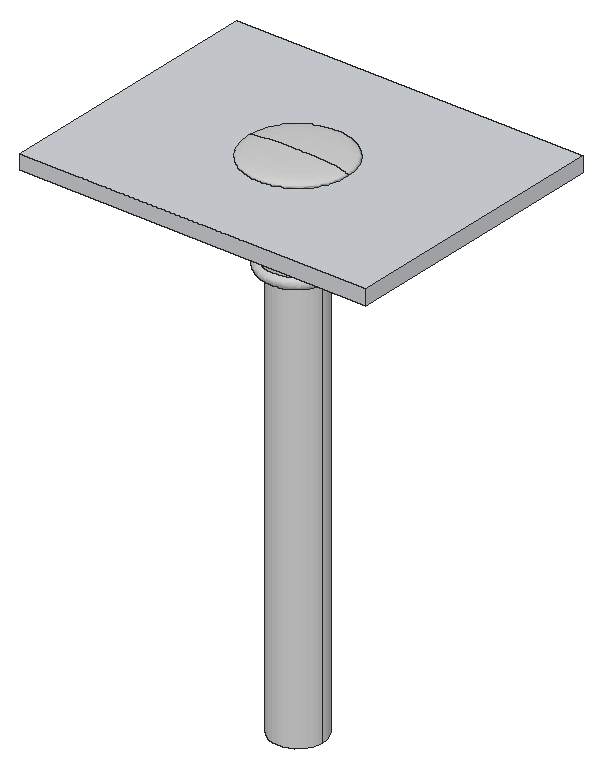
Revit family "34-DESAGUE PUSH METAL SIN REBOSE", category Aparatos sanitarios, Revit 2018
Family settings
  Anfitrión = Cara
  Cota de conector redondo = Diámetro de uso
  Tipo de pieza = Normal
  Número OmniClass = 23.45.55.21
  Título OmniClass = Drains (Wastes)
  Corte con vacíos al cargar = No
  Compartido = No
  Punto de cálculo de habitación = No
Parameters
  Vida útil unidad = ""
  Vida útil = ""
  URL = ""
  Tráfico = "Residencial"
  Tipo de Activo = "Fijo"
  Tamaño = "64,5 x 40,6 x 330"
  Responsable Garantías Partes = "www.corona.com.co"
  Requerimientos Accesibilidad = "Manual"
  Presión mínima = ""
  Presión Máxima = ""
  Número Modelo = "935385551"
  Nombre del Fabricante = "Corona"
  Nombre = "Desagüe largo"
  Model = ""
  Material de Fabricación = "Latón / Recubrimiento cromo (acabados)"
  Material Acabado = Cromo-Corona
  Logitud Nominal = 64.5
  Forma = "Cilindríca"
  Fabricante = "www.corona.com.co"
  Default Elevation = 0 mm
  Diámetro de conexión entrada = ""
  Descripción IFC = "Desagüe largo metálico sin rebose"
  Descripción = "Plumbing Fixtures"
  Código de montaje = "D2010"
  Cumplimiento de Norma = "Ahorro de agua (8,3l/min.) cumple norma NTC 1644"
  Consumo de agua = ""
  Color = "Cromo"
  Caudal = ""
  Características = "Resistente al efecto de jabones y limpiadores, resistente a la corrosión"
  Ancho Nominal = 40.6
  Altura Nominal = 330
  Acabado = "Brillante"
Reference planes
  plane 1 "Center (Front/Back)": y = 0
  plane 2: z = 0
  plane 3 "Center (Left/Right)": x = 0
  plane 4: z = 4.375
  plane 5 "conexiones": z = -330
Forms (mm)
  Extrusion 1, solid
    sketch origin (0, 0, 0) x (1, 0, 0) y (0, 1, 0)
      loop
        line (-110.723, 90) -> (-110.723, -83.811) -> (110.297, -83.811) -> (110.297, 90) -> (-110.723, 90)
    from 0 to -9.713
  Revolve 2, solid, material "Cromo-Corona", detail levels medium+fine
    sketch origin (0, 0, 0) x (1, 0, 0) y (0, 0, 1)
      loop
        line (-20.107, -0.441) -> (-20.107, -23.517)
        arc (-20.107, -23.517) -> (-21.211, -24.621) -> (-20.107, -25.725) r 1.104
        line (-20.107, -25.725) -> (-20.107, -27.517)
        arc (-20.107, -27.517) -> (-21.211, -28.621) -> (-20.107, -29.725) r 1.104
        line (-20.107, -29.725) -> (-20.107, -31.517)
        arc (-20.107, -31.517) -> (-21.211, -32.621) -> (-20.107, -33.725) r 1.104
        line (-20.107, -33.725) -> (-20.107, -35.517)
        arc (-20.107, -35.517) -> (-21.211, -36.621) -> (-20.107, -37.725) r 1.104
        line (-20.107, -37.725) -> (-20.107, -39.517)
        arc (-20.107, -39.517) -> (-21.211, -40.621) -> (-20.107, -41.725) r 1.104
        line (-20.107, -41.725) -> (-20.107, -43.517)
        arc (-20.107, -43.517) -> (-21.211, -44.621) -> (-20.107, -45.725) r 1.104
        line (-20.107, -45.725) -> (-20.107, -47.517)
        arc (-20.107, -47.517) -> (-21.211, -48.621) -> (-20.107, -49.725) r 1.104
        line (-20.107, -49.725) -> (-20.107, -51.517)
        arc (-20.107, -51.517) -> (-21.211, -52.621) -> (-20.107, -53.725) r 1.104
        line (-20.107, -53.725) -> (-20.107, -57.719)
        arc (-20.107, -57.719) -> (-23.314, -60.927) -> (-20.107, -64.134) r 3.207
        line (-20.107, -64.134) -> (-16.29, -64.134) -> (-16.29, -330) -> (0, -330) -> (0, 4.362)
        spline (0, 4.362) -> (-8.328, 4.285) -> (-15.068, 4.071) -> (-20.388, 3.746) -> (-24.456, 3.334) -> (-27.44, 2.862) -> (-29.507, 2.354) -> (-30.827, 1.837) -> (-31.566, 1.336) -> (-31.893, 0.875) -> (-31.976, 0.481) -> (-31.933, 0.182) -> (-30.939, 0.055)
        line (-30.939, 0.055) -> (-20.939, 0.055)
        arc (-20.939, 0.055) -> (-20.489, -0.135) -> (-20.107, -0.441) r 1.776
      axis (0, 4.362) -> (0, -330)
    angle from 0 to 360
  Revolve 3, solid, material "Caucho Corona", detail levels medium+fine
    sketch origin (0, 0, 0) x (0, 1, 0) y (0, 0, 1)
      loop
        arc (20.07, -19.566) -> (28.235, -18.803) -> (36.172, -16.736) r 50.798
        arc (36.172, -16.736) -> (36.956, -15.633) -> (36.172, -14.529) r 1.168
        arc (36.172, -14.529) -> (29.509, -16.302) -> (22.666, -17.155) r 50.764
        arc (22.666, -17.155) -> (21.66, -15.828) -> (20.07, -15.337) r 2.72
        line (20.07, -15.337) -> (20.07, -19.566)
      axis (0, -14.529) -> (0, -19.566)
    angle from 0 to 360
  Extrusion 4, solid, material "Vidrio", detail levels coarse
    sketch origin (0, 0, 37.442) x (-1, 0, 0) y (0, -1, 0)
      loop
        circle (0, 0) r 36.972
    from -367.442 to -28.915
Lines and regions (mm)
  symbolic lines, not visible, detail levels fine
    curve 1: line (123.544, -93.571, 0) -> (117.5, -93.571, 0)
    curve 2: line (123.544, -78.861, 0) -> (117.5, -78.861, 0)
    curve 3: line (43.732, -73.023, 0) -> (48.933, -72.601, 0)
    curve 4: line (48.933, -99.831, 0) -> (43.732, -99.408, 0)
    curve 5: line (47.354, -71.693, 0) -> (130.699, -79.4, 0)
    curve 6: line (130.699, -93.032, 0) -> (47.354, -100.738, 0)
    curve 7: line (28.059, -67.475, 0) -> (43.538, -70.417, 0)
    curve 8: line (43.538, -102.014, 0) -> (28.059, -104.957, 0)
    curve 9: line (123.544, -93.571, 0) -> (126.243, -93.181, 0)
    curve 10: line (126.243, -79.251, 0) -> (123.544, -78.861, 0)
    curve 11: line (39.082, -98.159, 0) -> (39.082, -74.273, 0)
    curve 12: line (43.151, -70.344, 0) -> (43.151, -102.088, 0)
    curve 13: line (35.587, -86.216, 0) -> (65.659, -86.216, 0)
    curve 14: line (65.659, -86.216, 0) -> (35.587, -86.216, 0)
    curve 15: line (43.732, -73.023, 0) -> (43.732, -99.408, 0)
    curve 16: line (133.805, -86.216, 0) -> (127.594, -86.216, 0)
    curve 17: line (127.594, -86.216, 0) -> (133.805, -86.216, 0)
    curve 18: line (28.059, -67.475, 0) -> (28.059, -104.957, 0)
    curve 19: line (48.933, -99.831, 0) -> (48.933, -72.601, 0)
  symbolic lines, not visible, detail levels medium
    curve 20: line (43.151, -15.872, 0) -> (43.151, 15.872, 0)
    curve 21: line (43.538, 15.798, 0) -> (47.354, 14.522, 0)
    curve 22: line (47.354, 14.522, 0) -> (117.5, 7.355, 0)
    curve 23: line (117.5, 7.355, 0) -> (123.544, 7.355, 0)
    curve 24: line (123.544, 7.355, 0) -> (126.243, 6.965, 0)
    curve 25: line (126.243, 6.965, 0) -> (130.699, 6.816, 0)
    curve 26: line (130.699, 6.816, 0) -> (130.699, -6.816, 0)
    curve 27: line (130.699, -6.816, 0) -> (126.243, -6.965, 0)
    curve 28: line (126.243, -6.965, 0) -> (123.544, -7.355, 0)
    curve 29: line (123.544, -7.355, 0) -> (117.5, -7.355, 0)
    curve 30: line (117.5, -7.355, 0) -> (47.354, -14.522, 0)
    curve 31: line (47.354, -14.522, 0) -> (43.538, -15.798, 0)
  symbolic lines, not visible, detail levels coarse
    curve 32: line (0, 68.042, 0) -> (133.805, 68.042, 0)
    curve 33: line (133.805, 68.042, 0) -> (133.805, 117.031, 0)
    curve 34: line (133.805, 117.031, 0) -> (0, 117.031, 0)
    curve 35: line (0, 117.031, 0) -> (0, 68.042, 0)
  symbolic lines, detail levels coarse
    curve 36: line (23.213, 0, 0) -> (-23.29, 0, 0)
    curve 66: line (0, 31.969, 4.351) -> (0, -31.969, 4.351)
    curve 67: line (0, 31.969, -330) -> (0, 31.969, 4.351)
    curve 68: line (0, -31.969, -330) -> (0, 31.969, -330)
    curve 69: line (0, -31.969, 4.351) -> (0, -31.969, -330)
    curve 100: line (-31.978, 0, 4.371) -> (31.978, 0, 4.371)
    curve 101: line (-31.978, 0, -330) -> (-31.978, 0, 4.371)
    curve 102: line (31.978, 0, -330) -> (-31.978, 0, -330)
    curve 103: line (31.978, 0, 4.371) -> (31.978, 0, -330)
  symbolic lines, detail levels medium+fine
    curve 37: line (0, 0, -330) -> (0, 16.29, -330)
    curve 38: line (0, 16.29, -330) -> (0, 16.29, -64.134)
    curve 39: line (0, 16.29, -64.134) -> (0, 20.338, -64.134)
    curve 40: arc (0, 20.338, -64.134) -> (0, 23.546, -60.925) -> (0, 20.338, -57.717) r 3.209
    curve 41: line (0, 20.338, -57.717) -> (0, 20.338, -19.543)
    curve 42: arc (0, 20.338, -19.543) -> (0, 28.521, -18.792) -> (0, 36.434, -16.576) r 45.331
    curve 43: arc (0, 36.434, -16.576) -> (0, 36.927, -15.473) -> (0, 36.172, -14.529) r 1.161
    curve 44: line (0, 36.172, -14.529) -> (0, 20.079, -14.529)
    curve 45: line (0, 20.079, -14.529) -> (0, 20.079, 0)
    curve 46: line (0, 20.079, 0) -> (0, 31.969, 0)
    curve 47: arc (0, 31.969, 0) -> (0, 31.652, 1.168) -> (0, 30.664, 1.864) r 1.783
    curve 48: arc (0, 30.664, 1.864) -> (0, 15.4, 3.95) -> (0, 0, 4.351) r 140.418
    curve 49: line (0, 0, -330) -> (0, -16.29, -330)
    curve 50: line (0, -16.29, -330) -> (0, -16.29, -64.134)
    curve 51: line (0, -16.29, -64.134) -> (0, -20.338, -64.134)
    curve 52: arc (0, -20.338, -64.134) -> (0, -23.546, -60.925) -> (0, -20.338, -57.717) r 3.209
    curve 53: line (0, -20.338, -57.717) -> (0, -20.338, -19.543)
    curve 54: arc (0, -20.338, -19.543) -> (0, -28.521, -18.792) -> (0, -36.434, -16.576) r 45.331
    curve 55: arc (0, -36.434, -16.576) -> (0, -36.927, -15.473) -> (0, -36.172, -14.529) r 1.161
    curve 56: line (0, -36.172, -14.529) -> (0, -20.079, -14.529)
    curve 57: line (0, -20.079, -14.529) -> (0, -20.079, 0)
    curve 58: line (0, -20.079, 0) -> (0, -31.969, 0)
    curve 59: arc (0, -31.969, 0) -> (0, -31.652, 1.168) -> (0, -30.664, 1.864) r 1.783
    curve 60: arc (0, -30.664, 1.864) -> (0, -15.4, 3.95) -> (0, 0, 4.351) r 140.418
    curve 61: line (0, 20.079, 0) -> (0, -20.079, 0)
    curve 62: line (0, -20.079, -14.529) -> (0, 20.079, -14.529)
    curve 63: line (0, 20.338, -19.543) -> (0, -20.338, -19.543)
    curve 64: line (0, 20.338, -57.717) -> (0, -20.338, -57.717)
    curve 65: line (0, -16.29, -64.134) -> (0, 16.29, -64.134)
    curve 70: circle (0, 0, 37.442) r 36.945 normal (0, 0, -1)
    curve 72: line (0, 0, -330) -> (-16.29, 0, -330)
    curve 73: line (-16.29, 0, -330) -> (-16.29, 0, -64.134)
    curve 74: line (-16.29, 0, -64.134) -> (-20.335, 0, -64.134)
    curve 75: arc (-20.335, 0, -64.134) -> (-23.541, 0, -60.928) -> (-20.335, 0, -57.722) r 3.206
    curve 76: line (-20.335, 0, -57.722) -> (-20.335, 0, -19.566)
    curve 77: arc (-20.335, 0, -19.566) -> (-28.333, 0, -18.786) -> (-36.116, 0, -16.783) r 52.022
    curve 78: arc (-36.116, 0, -16.783) -> (-36.922, 0, -15.656) -> (-36.116, 0, -14.529) r 1.191
    curve 79: line (-36.116, 0, -14.529) -> (-20.152, 0, -14.529)
    curve 80: line (-20.152, 0, -14.529) -> (-20.152, 0, 0)
    curve 81: line (-20.152, 0, 0) -> (-31.978, 0, 0)
    curve 82: arc (-31.978, 0, 0) -> (-31.5, 0, 1.319) -> (-30.309, 0, 2.062) r 2.149
    curve 83: arc (-30.309, 0, 2.062) -> (-15.18, 0, 3.549) -> (0, 0, 4.371) r 346.524
    curve 84: line (0, 0, -330) -> (16.29, 0, -330)
    curve 85: line (16.29, 0, -330) -> (16.29, 0, -64.134)
    curve 86: line (16.29, 0, -64.134) -> (20.335, 0, -64.134)
    curve 87: arc (20.335, 0, -64.134) -> (23.541, 0, -60.928) -> (20.335, 0, -57.722) r 3.206
    curve 88: line (20.335, 0, -57.722) -> (20.335, 0, -19.566)
    curve 89: arc (20.335, 0, -19.566) -> (28.333, 0, -18.786) -> (36.116, 0, -16.783) r 52.022
    curve 90: arc (36.116, 0, -16.783) -> (36.922, 0, -15.656) -> (36.116, 0, -14.529) r 1.191
    curve 91: line (36.116, 0, -14.529) -> (20.152, 0, -14.529)
    curve 92: line (20.152, 0, -14.529) -> (20.152, 0, 0)
    curve 93: line (20.152, 0, 0) -> (31.978, 0, 0)
    curve 94: arc (31.978, 0, 0) -> (31.5, 0, 1.319) -> (30.309, 0, 2.062) r 2.149
    curve 95: arc (30.309, 0, 2.062) -> (15.18, 0, 3.549) -> (0, 0, 4.371) r 346.524
    curve 96: line (-20.152, 0, -14.529) -> (20.152, 0, -14.529)
    curve 97: line (20.335, 0, -19.566) -> (-20.335, 0, -19.566)
    curve 98: line (-20.335, 0, -57.722) -> (20.335, 0, -57.722)
    curve 99: line (16.29, 0, -64.134) -> (-16.29, 0, -64.134)
  symbolic lines
    curve 71: circle (0, 0, 37.442) r 31.926 normal (0, 0, -1)
Dimensions and locks
  aligned and locked: plane 2 to Extrusion 1
  aligned and locked: level to Extrusion 1
Connectors
  piping at (0, 0, -330), diameter 31.8
    settings: index 1, connector inside diameter 24", connector length 0 mm, flow factor 0, pipe flow 0 GPM, pressure drop 0.00 psi, fitting loss kfactor 0, connector angle 0.00°, fixture units 0, engagement length 0 mm, angle of deflection 0.00°, flow configuration 0, flow direction 2, fitting loss method 0, system type 16, joint type 0, gender type 0, connector reference index -1, connector utility 0, adjustable connector no, is connector primary yes, connector description ""
